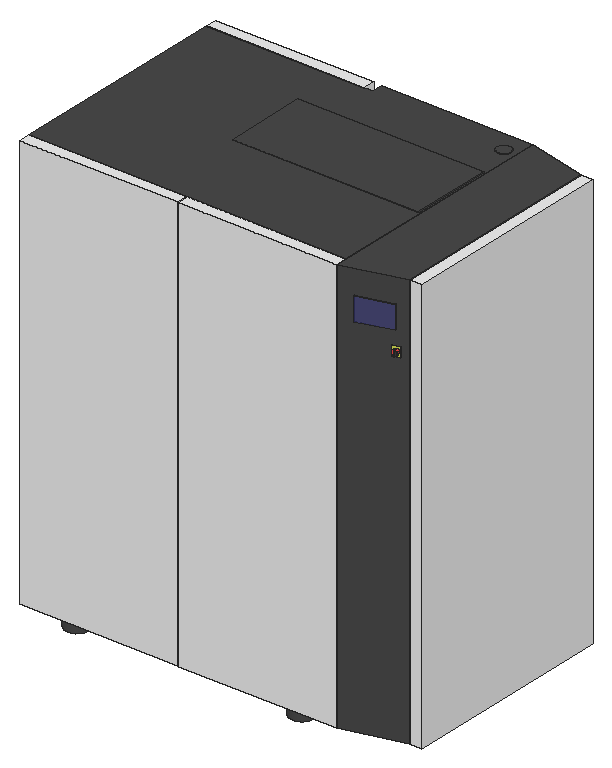
Revit family "HOSPITAIR G - MVD 26-31 - MVE 38-46 - MVF 55", category Equipement spécialisé, Revit 2018
Family settings
  Cote de connecteur circulaire = Utiliser le diamètre
  Type d'élément = Normal
  Basée sur le plan de construction = Non
  Toujours verticalement = Oui
  Couper avec des vides une fois chargée = Non
  Partagée = Non
  Point de calcul de pièce = Non
Parameters (values of type "MVF 55")
  Zone_Maintenance_Hauteur = 400 mm
  Zone_Maintenance_Gauche = 400 mm
  Zone_Maintenance_Droite = 1000 mm
  Zone_Maintenance_Avant = 1250 mm
  Zone_Maintenance_Arriere = 1000 mm
  ZONE_MAINTENANCE = no
  TERRE = yes
  TENSION_ALIM = 400 V  # constant formula
  Rayon_Connecteur_Refoulement_Air = DIAM_REFOUL_AIR / 2  # 25 mm
  Rayon_Connecteur_Alimentation = Diametre_Connecteur_Alimentation / 2  # 29 mm
  PUISS_ELECT_X = 55 kW
  PUISS_APPARENTE_X = PUISS_ELECT_X / COS_PHI  # 61111.1 VA
  PROTEC_ELECT_X = "Disjoncteur courbe D - 125 A"
  POIDS(Kg) = 1300 mm
  NIVEAU_SONORE(dB(A)) = 71
  NEUTRE = yes
  NBR_POLES = 3
  Modèle = "HOSPITAIR G - MVF 55"
  Longueur_Totale = 1650 mm
  Lien espace client = "https://www.mils.fr/en/customers-area/"
  Largeur_Totale = 1041 mm
  Largeur_Porte_Laterale = 910 mm
  Largeur_Porte = 670 mm
  Largeur_Gaine_Evac [instance] = 790 mm
  LONGUEUR = Longueur_Totale  # 1650 mm
  LARGEUR = Largeur_Totale  # 1041 mm
  Hauteur_Totale = 1865 mm
  Hauteur_Pieds = 100 mm
  Rayon_Pieds = 50 mm
  Hauteur_Gaine_Evac [instance] = 350 mm
  Hauteur_Ecran = Hauteur_Totale - 200 mm  # 1665 mm
  Hauteur_Bouton = Hauteur_Totale - 300 mm  # 1565 mm
  HAUTEUR = Hauteur_Totale  # 1865 mm
  H1 = Hauteur_Totale - 10 mm  # 1855 mm
  Fabricant = "MIL'S"
  FREQUENCE = 50 Hz  # constant formula
  Espacement_Entre_Porte = 5 mm
  Epaisseur_Porte = 50 mm
  Entraxe_Pieds_3 = 1165 mm
  Entraxe_Pieds_2 = 955 mm
  Entraxe_Pieds_1 = 825 mm
  Distance_Bord_Pieds = 150 mm
  Diametre_Sortie_Air [instance] = DIAM_REFOUL_AIR  # 50 mm
  Diametre_Connecteur_Alimentation = 58 mm
  Decalage_Vertical_Grille_Ventil = 446 mm
  Decalage_Vertical_Connecteur_Refoulement_Air = 210 mm
  Decalage_Vertical_Connecteur_Alimentation = 87 mm
  Decalage_Horizontal_Grille_Ventil = 546 mm
  Decalage_Horizontal_Connecteur_Refoulement_Air = 74 mm
  Decalage_Horizontal_Connecteur_Alimentation = 357 mm
  Debit_ventilation_air = 9400.0 m³/h
  Debit_refoulement_air = 489.0 m³/h
  Debit_aspiration_air = Debit_ventilation_air + Debit_refoulement_air  # 9889.0 m³/h
  DOUBLE_ALIMENTATION = no
  DIAM_REFOUL_AIR = 50 mm
  DIAM_ASPI_AIR = 0 mm
  DESCR_VENTIL_AIR = "Ventilation Air ; 9400 m3/h ; 790 x 350 mm"
  DESCR_REFOUL = "Refoulement Air ; 489 m3/h ; ID G 2\""
  DESCR_ASPI = "Aspiration Air ; 9889 m3/h"
  DESCR_ALIM_X = "Alimentation X ; 4G50mm²"
  DEGAG_CALORIFIQUE(kJ/h) = ""
  COS_PHI = 0.9  # constant formula
Types (6, lengths in mm): name | Zone_Maintenance_Hauteur | Rayon_Connecteur_Refoulement_Air | PUISS_ELECT_X | PUISS_APPARENTE_X | PROTEC_ELECT_X | POIDS(Kg) | NIVEAU_SONORE(dB(A)) | Modèle | Longueur_Totale | Largeur_Totale | Largeur_Porte_Laterale | Largeur_Porte | Largeur_Gaine_Evac | LONGUEUR | LARGEUR | Hauteur_Totale | Hauteur_Gaine_Evac | Hauteur_Ecran | Hauteur_Bouton | HAUTEUR | H1 | Entraxe_Pieds_3 | Entraxe_Pieds_2 | Entraxe_Pieds_1 | Diametre_Sortie_Air | Decalage_Vertical_Grille_Ventil | Decalage_Vertical_Connecteur_Refoulement_Air | Decalage_Vertical_Connecteur_Alimentation | Decalage_Horizontal_Grille_Ventil | Decalage_Horizontal_Connecteur_Refoulement_Air | Decalage_Horizontal_Connecteur_Alimentation | Debit_ventilation_air | Debit_refoulement_air | Debit_aspiration_air | DIAM_REFOUL_AIR | DESCR_VENTIL_AIR | DESCR_REFOUL | DESCR_ASPI | DESCR_ALIM_X
  (no name) | 400 | 25 | 55 kW | 61111.1 VA | "Disjoncteur courbe D - 125 A" | 1300 | 71 | "HOSPITAIR G - MVF 55" | 1650 | 1041 | 910 | 670 | 790 | 1650 | 1041 | 1865 | 350 | 1665 | 1565 | 1865 | 1855 | 1165 | 955 | 825 | 50 | 446 | 210 | 87 | 546 | 74 | 357 | 9400.0 m³/h | 489.0 m³/h | 9889.0 m³/h | 50 | "Ventilation Air ; 9400 m3/h ; 790 x 350 mm" | "Refoulement Air ; 489 m3/h ; ID G 2\"" | "Aspiration Air ; 9889 m3/h" | "Alimentation X ; 4G50mm²"
  MVE 38 | 300 | 20 | 37 kW | 41111.1 VA | "Disjoncteur courbe D - 100 A" | 985 | 70 | "HOSPITAIR G - MVE 38" | 1590 | 1030 | 890 | 640 | 636 | 1590 | 1030 | 1700 | 350 | 1500 | 1400 | 1700 | 1690 | 975 | 765 | 745 | 40 | 388 | 206 | 105 | 600 | 85 | 250 | 8000.0 m³/h | 336.0 m³/h | 8336.0 m³/h | 40 | "Ventilation Air ; 8000 m3/h ; 636 x 350 mm" | "Refoulement Air ; 336 m3/h ; ID G 1\"1/2" | "Aspiration Air ; 8336m3/h" | "Alimentation X ; 4G35mm²"
  MVD 26 | 300 | 16 | 25 kW | 27777.8 VA | "Disjoncteur courbe D - 63 A" | 695 | 66 | "HOSPITAIR G - MVD 26" | 1460 | 900 | 750 | 580 | 574 | 1460 | 900 | 1530 | 286 | 1330 | 1230 | 1530 | 1520 | 986 | 806 | 662 | 32 | 350 | 198 | 100 | 533 | 70 | 250 | 4500.0 m³/h | 228.0 m³/h | 4728.0 m³/h | 32 | "Ventilation Air ; 4500 m3/h ; 574 x 286 mm" | "Refoulement Air ; 228 m3/h ; ID G 1\"1/4" | "Aspiration Air ;" | "Alimentation X ; 4G16mm²"
  MVD 31 | 300 | 16 | 30 kW | 33333.3 VA | "Disjoncteur courbe D - 80 A" | 750 | 69 | "HOSPITAIR G - MVD 31" | 1460 | 900 | 750 | 580 | 574 | 1460 | 900 | 1530 | 286 | 1330 | 1230 | 1530 | 1520 | 986 | 806 | 662 | 32 | 350 | 198 | 100 | 533 | 70 | 250 | 5400.0 m³/h | 269.0 m³/h | 5669.0 m³/h | 32 | "Ventilation Air ; 5400 m3/h ; 574 x 286 mm" | "Refoulement Air ; 269 m3/h ; ID G 1\"1/4" | "Aspiration Air ; 5669 m3/h" | "Alimentation X ; 4G25mm²"
  MVE 46 | 300 | 20 | 45 kW | 50000 VA | "Disjoncteur courbe D - 100 A" | 1060 | 71 | "HOSPITAIR G - MVE 46" | 1590 | 1030 | 890 | 640 | 636 | 1590 | 1030 | 1700 | 350 | 1500 | 1400 | 1700 | 1690 | 975 | 765 | 745 | 40 | 388 | 206 | 105 | 600 | 85 | 250 | 8000.0 m³/h | 411.0 m³/h | 8411.0 m³/h | 40 | "Ventilation Air ; 8000 m3/h ; 636 x 350 mm" | "Refoulement Air ; 411 m3/h ; ID G 1\"1/2" | "Aspiration Air ; 8411m3/h" | "Alimentation X ; 4G35mm²"
  MVF 55 | 400 | 25 | 55 kW | 61111.1 VA | "Disjoncteur courbe D - 125 A" | 1300 | 71 | "HOSPITAIR G - MVF 55" | 1650 | 1041 | 910 | 670 | 790 | 1650 | 1041 | 1865 | 350 | 1665 | 1565 | 1865 | 1855 | 1165 | 955 | 825 | 50 | 446 | 210 | 87 | 546 | 74 | 357 | 9400.0 m³/h | 489.0 m³/h | 9889.0 m³/h | 50 | "Ventilation Air ; 9400 m3/h ; 790 x 350 mm" | "Refoulement Air ; 489 m3/h ; ID G 2\"" | "Aspiration Air ; 9889 m3/h" | "Alimentation X ; 4G50mm²"
Reference planes
  plane 1 "Centre (avant/arrière)": y = 0
  plane 2: z = 0
  plane 3 "Centre (gauche/droite)": x = 0
  plane 4: y = 526
  plane 5: x = -855
  plane 6: y = -515
  plane 7: x = 795
  plane 8: z = 100
  plane 9: z = 1865
  plane 10: x = -755
  plane 11: y = 452.5
  plane 12: x = -725
  plane 13: y = -372.5
  plane 14: x = 230
  plane 15: y = -372.5
  plane 16: x = 410
  plane 17: y = 452.5
  plane 18: y = -465
  plane 19: x = 745
  plane 20: y = 476
  plane 21: x = 490
  plane 22: x = -150
  plane 23: y = 402
  plane 24: z = 210
  plane 25: x = 438
  plane 26: y = 439
  plane 27: y = 1526
  plane 28: x = 1795
  plane 29: x = -1255
  plane 30: y = -1765
  plane 31: z = 2265
  plane 32: y = -445
  plane 33: y = 465
Forms (mm)
  Extrusion 1, solid, material "Plastique, noir opaque"
    sketch origin (0, 0, 0) x (1, 0, 0) y (0, 1, 0)
      loop
        circle (-755, 452.5) r 50
      loop
        circle (410, 452.5) r 50
    from 0 to 100 <- "Hauteur_Pieds"
  Extrusion 2, solid, material "Aluminium - Laqué, Blanc"
    sketch origin (0, 0, 0) x (1, 0, 0) y (0, 1, 0)
      loop
        line (-855, -465) -> (-855, -515) -> (-185, -515) -> (-185, -465) -> (-855, -465)
      loop
        line (-180, -465) -> (-180, -515) -> (490, -515) -> (490, -465) -> (-180, -465)
    from 100 <- "Hauteur_Pieds" to 1865 <- "Hauteur_Totale"
  Extrusion 3, solid, material "Aluminium - Laqué, Blanc"
    sketch origin (0, 0, 0) x (1, 0, 0) y (0, 1, 0)
      loop
        line (795, -445) -> (795, 465) -> (745, 465) -> (745, -445) -> (795, -445)
    from 100 to 1865 <- "Hauteur_Totale"
  Extrusion 4, solid, material "Aluminium - Laqué, Blanc"
    sketch origin (0, 0, 0) x (1, 0, 0) y (0, 1, 0)
      loop
        line (-855, 476) -> (-185, 476) -> (-185, 526) -> (-855, 526) -> (-855, 476)
    from 100 to 1865 <- "Hauteur_Totale"
  Extrusion 5, solid, material "Plastique, noir opaque"
    sketch origin (-7, 0, 0) x (1, 0, 0) y (0, 1, 0)
      loop
        circle (237, -372.5) r 50
      loop
        circle (-718, -372.5) r 50
    from 0 to 100 <- "Hauteur_Pieds"
  Extrusion 6, solid, material "Plastique, noir opaque"
    sketch origin (0, 0, 0) x (1, 0, 0) y (0, 1, 0)
      loop
        line (-855, 476) -> (-855, -465) -> (490, -465) -> (490, 526) -> (-150, 526) -> (-150, 476) -> (-855, 476)
    from 100 <- "Hauteur_Pieds" to 1865 <- "Hauteur_Totale"
  Extrusion 7, solid, material "Plastique, noir opaque"
    sketch origin (0, 0, 0) x (1, 0, 0) y (0, 1, 0)
      loop
        line (745, 465) -> (490, 526) -> (490, -515) -> (745, -445) -> (745, 465)
    from 100 <- "Hauteur_Pieds" to 1865 <- "HAUTEUR"
  Extrusion 8, solid, material "ZONE_MAINTENANCE", visible <- "ZONE_MAINTENANCE"
    sketch origin (0, 0, 0) x (1, 0, 0) y (0, 1, 0)
      loop
        line (-1255, 1526) -> (-1255, -1765) -> (1795, -1765) -> (1795, 1526) -> (-1255, 1526)
    from 0 to 2265
  Extrusion 9, solid, material "Plastique, noir opaque"
    sketch origin (0, 0, 0) x (0, 1, 0) y (0, 0, 1)
      loop
        circle (402, 210) r 25
    from -855 to -755
  Extrusion 10, solid, material "Plastique, noir opaque"
    sketch origin (0, 0, 0) x (1, 0, 0) y (0, 1, 0)
      loop
        line (-309, 281) -> (-309, -69) -> (481, -69) -> (481, 281) -> (-309, 281)
    from 1855 <- "H1" to 1865 <- "HAUTEUR"
  Extrusion 11, solid, material "Plastique, noir opaque"
    sketch origin (0, 0, 0) x (1, 0, 0) y (0, 1, 0)
      loop
        circle (438, 439) r 29
    from 1855 <- "H1" to 1865 <- "Hauteur_Totale"
Dimensions and locks
  plane 4 to plane 1 "Centre (avant/arrière)" to plane 6 = 526 mm, 515 mm
  plane 5 to plane 3 "Centre (gauche/droite)" to plane 7 = 855 mm, 795 mm
  "Longueur_Totale": plane 5 to plane 7
  "Largeur_Totale": plane 4 to plane 6
  "Hauteur_Pieds": plane 8 to level
  "Hauteur_Totale": plane 9 to level
  "Epaisseur_Porte": plane 18 to plane 6
  "Largeur_Porte": Extrusion 2 sketch curve to Extrusion 2 sketch curve  (x2)
  "Espacement_Entre_Porte": Extrusion 2 sketch curve to Extrusion 2 sketch curve
  "Epaisseur_Porte": plane 19 to plane 7
  "Epaisseur_Porte": plane 4 to plane 20
  "Largeur_Porte": Extrusion 4 sketch curve to Extrusion 4 sketch curve
  "Entraxe_Pieds_1": plane 11 to plane 13
  "Entraxe_Pieds_3": plane 10 to plane 16
  "Entraxe_Pieds_2": plane 12 to plane 14
  "Entraxe_Pieds_1": plane 17 to plane 15
  plane 17 to plane 1 "Centre (avant/arrière)" to plane 15 = 452.5 mm, 372.5 mm
  "Decalage_Horizontal_Connecteur_Refoulement_Air": plane 20 to plane 23
  "Decalage_Vertical_Connecteur_Refoulement_Air": plane 24 to level
  "Largeur_Gaine_Evac": Extrusion 10 sketch curve to Extrusion 10 sketch curve
  "Hauteur_Gaine_Evac": Extrusion 10 sketch curve to Extrusion 10 sketch curve
  "Decalage_Vertical_Grille_Ventil": Extrusion 10 sketch curve to plane 6
  "Decalage_Horizontal_Grille_Ventil": plane 5 to Extrusion 10 sketch curve
  "Decalage_Horizontal_Connecteur_Alimentation": plane 25 to plane 7
  "Decalage_Vertical_Connecteur_Alimentation": plane 4 to plane 26
  "Zone_Maintenance_Arriere": plane 27 to plane 4
  "Zone_Maintenance_Avant": plane 6 to plane 30
  "Zone_Maintenance_Droite": plane 7 to plane 28
  "Zone_Maintenance_Hauteur": plane 31 to plane 9
  plane 33 to plane 1 "Centre (avant/arrière)" to plane 32 = 465 mm, 445 mm
  "Largeur_Porte_Laterale": plane 33 to plane 32
  "Hauteur_Bouton": nested 1 to level
  "Hauteur_Ecran": nested 2 to level
  "Zone_Maintenance_Gauche": plane 29 to plane 5
  "Rayon_Pieds": radius of Extrusion 5 sketch curve  (x2)
  "Rayon_Pieds": radius of Extrusion 1 sketch curve  (x2)
  "Rayon_Connecteur_Refoulement_Air": radius of Extrusion 9 sketch curve
  "Rayon_Connecteur_Alimentation": radius of Extrusion 11 sketch curve
  aligned and locked: level to plane 2
  aligned and locked: Extrusion 2 sketch curve to plane 18  (x2)
  aligned and locked: plane 5 to Extrusion 2 sketch curve
  aligned and locked: plane 6 to Extrusion 2 sketch curve  (x2)
  aligned and locked: Extrusion 4 sketch curve to plane 20
  aligned and locked: Extrusion 4 sketch curve to plane 5
  aligned and locked: plane 4 to Extrusion 4 sketch curve
  aligned and locked: plane 5 to Extrusion 6 sketch curve
  aligned and locked: Extrusion 6 sketch curve to plane 20
  aligned and locked: plane 22 to Extrusion 6 sketch curve
  aligned and locked: Extrusion 6 sketch curve to plane 4
  aligned and locked: Extrusion 6 sketch curve to plane 21
  aligned and locked: plane 18 to Extrusion 6 sketch curve
  aligned and locked: Extrusion 7 sketch curve to plane 21
  aligned and locked: plane 19 to Extrusion 7 sketch curve  (x2)
  aligned and locked: Extrusion 9 to plane 5
  aligned and locked: plane 10 to Extrusion 9
  aligned and locked: plane 9 to Extrusion 11
  aligned and locked: plane 28 to Extrusion 8
  aligned and locked: plane 27 to Extrusion 8
  aligned and locked: plane 29 to Extrusion 8
  aligned and locked: Extrusion 8 to plane 30
  aligned and locked: plane 31 to Extrusion 8
  aligned and locked: plane 33 to Extrusion 3
  aligned and locked: Extrusion 3 to plane 32
  aligned and locked: plane 32 to Extrusion 7 sketch curve
  aligned and locked: plane 33 to Extrusion 7 sketch curve
Automatic sketch dimensions
  Extrusion 1 sketch curve to plane 10 = 0 mm
  plane 11 to Extrusion 1 sketch curve = 0 mm  (x2)
  Extrusion 1 sketch curve to plane 16 = 0 mm
  plane 6 to Extrusion 3 sketch curve = 70 mm
  Extrusion 3 sketch curve to plane 4 = 61 mm
  Extrusion 3 sketch curve to plane 19 = 0 mm
  Extrusion 3 sketch curve to plane 7 = 0 mm
  Extrusion 8 sketch curve to plane 5 = 400 mm
  plane 7 to Extrusion 8 sketch curve = 1000 mm
  Extrusion 8 sketch curve to plane 6 = 1250 mm
  plane 4 to Extrusion 8 sketch curve = 1000 mm
  Extrusion 7 sketch curve to plane 6 = 0 mm
  Extrusion 7 sketch curve to plane 4 = 0 mm
  Extrusion 5 sketch curve to plane 12 = 0 mm
  plane 13 to Extrusion 5 sketch curve = 0 mm
  Extrusion 5 sketch curve to plane 14 = 0 mm
  Extrusion 5 sketch curve to plane 13 = 0 mm
  Extrusion 9 sketch curve to plane 23 = 0 mm
  Extrusion 9 sketch curve to plane 24 = 0 mm
  Extrusion 11 sketch curve to plane 25 = 0 mm
  Extrusion 11 sketch curve to plane 26 = 0 mm
Nested families
  nested 1: "Bouton_Arret_Urgence_2" at (700.369, -457.252, 1565) x (0.9643, 0.2647, 0) z (0.2647, -0.9643, 0), type "Bouton_Arret_Urgence_2"
  nested 2: "Ecran_Commande" at (627.168, -477.346, 1665) x (0.9643, 0.2647, 0) z (0.2647, -0.9643, 0), type "Ecran_Commande"
    with Longueur_Ecran 150 mm, Largeur_Ecran 100 mm, Epaisseur_Ecran 10 mm
Connectors
  piping at (-855, 402, 210), diameter 50, driven by "DIAM_REFOUL_AIR", driven by "Debit_refoulement_air", driven by "DESCR_REFOUL"
    settings: on Extrusion 9, index 6, connector inside diameter 609.6 mm, connector length 0 mm, flow factor 0, pipe flow 489.0 m³/h, pressure drop 0.0 Pa, fitting loss kfactor 0, connector angle 0.00°, fixture units 0, engagement length 0 mm, angle of deflection 0.00°, flow configuration 0, flow direction 2, fitting loss method 0, system type 22, joint type 0, gender type 0, connector reference index -1, connector utility 1, adjustable connector no, is connector primary yes, connector description "Refoulement Air ; 489 m3/h ; ID G 2\""
  hvac at (86, 106, 1865), driven by "Hauteur_Gaine_Evac", driven by "Largeur_Gaine_Evac", driven by "Debit_ventilation_air", driven by "DESCR_VENTIL_AIR"
    settings: on Extrusion 10, index 7, duct flow 9400.0 m³/h, flow factor 0, pres drop 0.0 Pa, loss coef 0, conn angle 0.00°, conn width 790 mm, conn height 350 mm, conn diameter 609.6 mm, duct sys type 1, conn prof type 1, flow config 0, flow direction 2, loss method 0, conn ref index -1, conn util yes, is conn primary yes, conn desc "Ventilation Air ; 9400 m3/h ; 790 x 350 mm"
  electrical at (438, 439, 1865), driven by "NBR_POLES", driven by "TENSION_ALIM", driven by "PUISS_APPARENTE_X", driven by "DESCR_ALIM_X"
    settings: on Extrusion 11, index 8, voltage 400 V, apparent load 61111.1 VA, apparent load phase1 0 VA, apparent load phase2 0 VA, apparent load phase3 0 VA, power factor 1, load classification "Moteur", number of poles 3, system type 30, power factor state 1, is connector primary yes, connector utility yes, sub classification motor no, connector description "Alimentation X ; 4G50mm²"
Definition of nested family "Bouton_Arret_Urgence_2"
  Parameters (values of type "Bouton_Arret_Urgence_2")
    Default Elevation = 0 mm
  Reference planes
    plane 1 "Centre (avant/arrière)": y = 0
    plane 2: z = 0
    plane 3 "Centre (gauche/droite)": x = 0
  Forms (mm)
    Extrusion 1, solid
      sketch origin (0, 0, 0) x (1, 0, 0) y (0, 1, 0)
        loop
          line (-1219.2, 1219.2) -> (-1219.2, -1219.2) -> (1219.2, -1219.2) -> (1219.2, 1219.2) -> (-1219.2, 1219.2)
      from 0 to -304.8
    Extrusion 2, solid
      sketch origin (0, 0, 0) x (1, 0, 0) y (0, 1, 0)
        loop
          line (-15, 40) -> (-15, 0) -> (15, 0) -> (15, 40) -> (-15, 40)
      from 0 to 4
    Extrusion 3, solid
      sketch origin (0, 0, 0) x (1, 0, 0) y (0, 1, 0)
        loop
          circle (0, 20) r 12
      from 4 to 16
    Extrusion 4, solid
      sketch origin (0, 0, 0) x (1, 0, 0) y (0, 1, 0)
        loop
          line (-1.5, 31.5) -> (-1.5, 8.5) -> (1.5, 8.5) -> (1.5, 31.5) -> (-1.5, 31.5)
      from 16 to 22
  Dimensions and locks
    aligned and locked: plane 2 to Extrusion 1
    aligned and locked: level to Extrusion 1
Definition of nested family "Ecran_Commande"
  Parameters (values of type "Ecran_Commande")
    Longueur_Ecran [instance] = 900 mm
    Largeur_Ecran [instance] = 500 mm
    Epaisseur_Ecran [instance] = 10 mm
    Default Elevation = 0 mm
  Reference planes
    plane 1 "Centre (avant/arrière)": y = 0
    plane 2: z = 0
    plane 3 "Centre (gauche/droite)": x = 0
  Forms (mm)
    Extrusion 1, solid
      sketch origin (0, 0, 0) x (1, 0, 0) y (0, 1, 0)
        loop
          line (-1219.2, 1219.2) -> (-1219.2, -1219.2) -> (1219.2, -1219.2) -> (1219.2, 1219.2) -> (-1219.2, 1219.2)
      from 0 to -304.8
    Extrusion 2, solid
      sketch origin (0, 0, 0) x (1, 0, 0) y (0, 1, 0)
        loop
          line (-450, 500) -> (-450, 0) -> (450, 0) -> (450, 500) -> (-450, 500)
      from 0 to 10 <- "Epaisseur_Ecran"
  Dimensions and locks
    "Largeur_Ecran": Extrusion 2 sketch curve to Extrusion 2 sketch curve
    "Longueur_Ecran": Extrusion 2 sketch curve to Extrusion 2 sketch curve
    equal spacing: Extrusion 2 sketch curve, plane 3 "Centre (gauche/droite)", Extrusion 2 sketch curve
    aligned and locked: plane 2 to Extrusion 1
    aligned and locked: level to Extrusion 1
  Automatic sketch dimensions
    Extrusion 1 sketch curve to Extrusion 1 sketch curve = 2438.4 mm  (x2)
    plane 1 "Centre (avant/arrière)" to Extrusion 2 sketch curve = 0 mm
